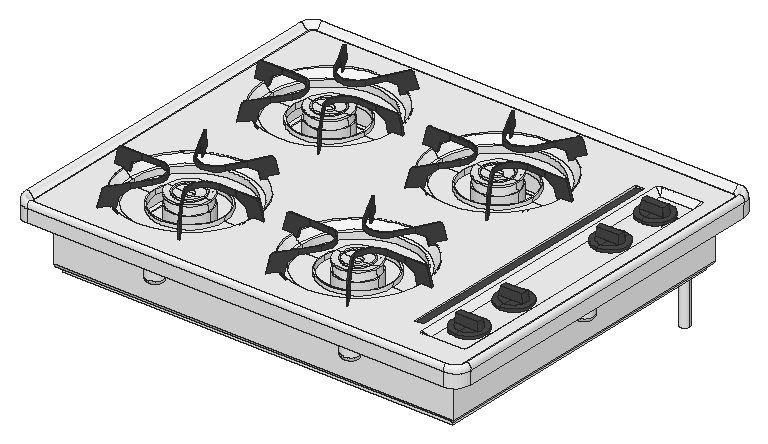
Revit family "QF_Summit_WNL033_Cooktop", category Specialty Equipment, Revit 2020
Family settings
  Round Connector Dimension = Use Diameter
  Part Type = Normal
  Work Plane-Based = No
  Always vertical = Yes
  Cut with Voids When Loaded = No
  Shared = No
  Room Calculation Point = No
Parameters
  Weight in Pounds = 27
  Watts = 0 W
  Volts = 115 V
  URL Cutsheet = ""
  Specification by User = ""
  Specification by Manufacturer = ""
  Serial Number = ""
  Seismic Rating = ""
  SMACNA No = ""
  Revision Code = ""
  Plumbing Remarks = ""
  Plumbing Connection Type = ""
  Phase = 1
  Number of Poles = 1
  NAFEM Spec ID Number = ""
  Model = "WNL033"
  Min Ckt Ampacity = 0 A
  Max Overcurrent Protection = 0 A
  Masterspec = ""
  Manufacturer = "Summit"
  Length = 24"
  Item Number = ""
  Installed By = ""
  Identify Quantity as Lot = yes
  Height = 3 3/4"
  HP = ""
  Gas Size = 0"
  Gas RI Height = 0"
  Gas KW = 0
  Gas Input = 9000.0 Btu/h
  Gas Connection Height = 0"
  Furnished By = ""
  Foodservice Equipment Identifier = yes
  FL Amps = 0 A
  Electrical Remarks = ""
  Elec Conn RI Height = 0"
  Elec Conn Connection Height = 0"
  Description = "Cooktop"
  Depth = 20"
  Default Elevation = 0"
  Cycle = 60 Hz
  Conn Plug = "3 Prong Cord"
  Conn Conduit = yes
  CSI MasterFormat = ""
  Apparent Power = 0 VA
Reference planes (in)
  plane 1 "BACK": y = 0
  plane 2: z = 0
  plane 3 "LEFT": x = 0
  plane 4 "RIGHT": x = 24
  plane 5 "FRONT": y = -20
  plane 6 "TOP": z = 3.75
  plane 7 "Center Y": x = 12
  plane 8 "Center X": y = -10
  plane 9: z = 2.75
  plane 10: z = 0.25
  plane 11: z = -2.75
Forms (in)
  Sweep 1, solid, material "QF_Plastic_White_Smooth"
    path origin (0, 0, 3.74988) x (-1, 0, 0) y (0, -1, 0)
      loop
        line (-0.0625, 0.8125) -> (-0.0625, 19.1875)
        arc (-0.0625, 19.1875) -> (-0.28217, 19.71783) -> (-0.8125, 19.9375) r 0.75
        line (-0.8125, 19.9375) -> (-23.1875, 19.9375)
        arc (-23.1875, 19.9375) -> (-23.71783, 19.71783) -> (-23.9375, 19.1875) r 0.75
        line (-23.9375, 19.1875) -> (-23.9375, 0.8125)
        arc (-23.9375, 0.8125) -> (-23.71783, 0.28217) -> (-23.1875, 0.0625) r 0.75
        line (-23.1875, 0.0625) -> (-0.8125, 0.0625)
        arc (-0.8125, 0.0625) -> (-0.28217, 0.28217) -> (-0.0625, 0.8125) r 0.75
    profile origin (0.0625, -10, 3.74988) x (1, 0, 0) y (0, 0, 1)
      loop
        line (0.50007, -0.99988) -> (0.50007, -0.24988)
        spline (0.50007, -0.24988) -> (0.38683, -0.22526) -> (0.30986, -0.16677) -> (0.25459, -0.09746) -> (0.20654, -0.0403) -> (0.15715, -0.00897) -> (0.1083, -0.00102) -> (0.06291, -0.01235) -> (0.02367, -0.03905) -> (-0.00886, -0.07917) -> (-0.03532, -0.13183) -> (-0.05489, -0.20201) -> (-0.06266, -0.31115)
        line (-0.06266, -0.31115) -> (-0.06266, -0.99988) -> (0.50007, -0.99988)
  Extrusion 2, solid, material "QF_Plastic_White_Smooth"
    sketch origin (23.1875, -0.5625, 3.24988) x (0, 1, 0) y (1, 0, 0)
      loop
        circle (-4.74127, -17.90956) r 3.49904
      loop
        line (-18.875, 0) -> (-18.875, -22.375)
        arc (-18.875, -22.375) -> (-18.80178, -22.55178) -> (-18.625, -22.625) r 0.25
        line (-18.625, -22.625) -> (-0.25, -22.625)
        arc (-0.25, -22.625) -> (-0.07322, -22.55178) -> (0, -22.375) r 0.25
        line (0, -22.375) -> (0, 0)
        arc (0, 0) -> (-0.07322, 0.17678) -> (-0.25, 0.25) r 0.25
        line (-0.25, 0.25) -> (-18.625, 0.25)
        arc (-18.625, 0.25) -> (-18.80178, 0.17678) -> (-18.875, 0) r 0.25
      loop
        circle (-4.74127, -8.85096) r 3.49904
      loop
        circle (-14.13373, -17.90956) r 3.49904
      loop
        circle (-14.13373, -8.85096) r 3.49904
    from 0.49988 to -0.25012
  Blend 3, void
    base sketch origin (23.18874, -0.56796, 3.54988) x (0, 1, 0) y (-1, 0, 0)
      loop
        arc (-1.25, 2.75) -> (-1.32322, 2.92678) -> (-1.5, 3) r 0.25
        line (-1.5, 3) -> (-17.375, 3)
        arc (-17.375, 3) -> (-17.55178, 2.92678) -> (-17.625, 2.75) r 0.25
        line (-17.625, 2.75) -> (-17.625, 0.5)
        arc (-17.625, 0.5) -> (-17.55178, 0.32322) -> (-17.375, 0.25) r 0.25
        line (-17.375, 0.25) -> (-1.5, 0.25)
        arc (-1.5, 0.25) -> (-1.32322, 0.32322) -> (-1.25, 0.5) r 0.25
        line (-1.25, 0.5) -> (-1.25, 2.75)
    top sketch origin (23.18874, -0.56796, 3.54988) x (0, 1, 0) y (-1, 0, 0)
      loop
        line (-1.71875, 2.53125) -> (-17.15625, 2.53125) -> (-17.15625, 0.71875) -> (-1.71875, 0.71875) -> (-1.71875, 2.53125)
    from 0.0625 to -0.31152
  Extrusion 4, void
    sketch origin (23.18874, -0.56796, 3.54988) x (0, 1, 0) y (-1, 0, 0)
      loop
        arc (-2, 3.5625) -> (-2.01831, 3.60669) -> (-2.0625, 3.625) r 0.0625
        line (-2.0625, 3.625) -> (-16.8125, 3.625)
        arc (-16.8125, 3.625) -> (-16.85669, 3.60669) -> (-16.875, 3.5625) r 0.0625
        line (-16.875, 3.5625) -> (-16.875, 3.1875)
        arc (-16.875, 3.1875) -> (-16.85669, 3.14331) -> (-16.8125, 3.125) r 0.0625
        line (-16.8125, 3.125) -> (-2.0625, 3.125)
        arc (-2.0625, 3.125) -> (-2.01831, 3.14331) -> (-2, 3.1875) r 0.0625
        line (-2, 3.1875) -> (-2, 3.5625)
    from 0.0625 to -0.125
  Revolve 5, solid, material "QF_Plastic_Black_Smooth"
    sketch origin (21.56528, -3, 0.23835) x (0, 1, 0) y (0, 0, 1)
      loop
        line (-0.75736, 3) -> (-0.50736, 3) -> (-0.50736, 3.07947) -> (0.15671, 3.07947) -> (0.15671, 3.2014)
        arc (0.15671, 3.2014) -> (0.03405, 3.23774) -> (-0.09329, 3.25) r 0.66737
        line (-0.09329, 3.25) -> (-0.75736, 3.25) -> (-0.75736, 3)
      axis (-0.75736, 3.25) -> (-0.75736, 3)
    angle from 0 to 360
  Blend 6, solid, material "QF_Plastic_Black_Smooth"
    base sketch origin (0, -3, 3.98835) x (-1, 0, 0) y (0, -1, 0)
      loop
        arc (-20.9318, 0.55812) -> (-20.90121, 0.75736) -> (-20.9318, 0.95659) r 0.66406
        line (-20.9318, 0.95659) -> (-22.19875, 0.95659)
        arc (-22.19875, 0.95659) -> (-22.22934, 0.75736) -> (-22.19875, 0.55812) r 0.66406
        line (-22.19875, 0.55812) -> (-20.9318, 0.55812)
    top sketch origin (0, -3, 3.98835) x (-1, 0, 0) y (0, -1, 0)
      loop
        arc (-20.98589, 0.57514) -> (-20.95791, 0.75736) -> (-20.98589, 0.93958) r 0.60736
        line (-20.98589, 0.93958) -> (-22.14466, 0.93958)
        arc (-22.14466, 0.93958) -> (-22.17264, 0.75736) -> (-22.14466, 0.57514) r 0.60736
        line (-22.14466, 0.57514) -> (-20.98589, 0.57514)
    from -0.5 to -0.05271
  Revolve 7, solid, material "QF_Plastic_Black_Smooth", not visible
    sketch origin (21.56528, -3, 0) x (0, 1, 0) y (0, 0, 1)
      loop
        line (-0.75736, 3) -> (-0.50736, 3) -> (-0.50736, 3.07947) -> (0.15671, 3.07947) -> (0.15671, 3.2014)
        arc (0.15671, 3.2014) -> (0.03405, 3.23774) -> (-0.09329, 3.25) r 0.66737
        line (-0.09329, 3.25) -> (-0.75736, 3.25) -> (-0.75736, 3)
      axis (-0.75736, 3.25) -> (-0.75736, 3)
    angle from 0 to 360
  Blend 8, solid, material "QF_Plastic_Black_Smooth", not visible
    base sketch origin (0, -3, 3.75) x (-1, 0, 0) y (0, -1, 0)
      loop
        arc (-20.9318, 0.55812) -> (-20.90121, 0.75736) -> (-20.9318, 0.95659) r 0.66406
        line (-20.9318, 0.95659) -> (-22.19875, 0.95659)
        arc (-22.19875, 0.95659) -> (-22.22934, 0.75736) -> (-22.19875, 0.55812) r 0.66406
        line (-22.19875, 0.55812) -> (-20.9318, 0.55812)
    top sketch origin (0, -3, 3.75) x (-1, 0, 0) y (0, -1, 0)
      loop
        arc (-20.98589, 0.57514) -> (-20.95791, 0.75736) -> (-20.98589, 0.93958) r 0.60736
        line (-20.98589, 0.93958) -> (-22.14466, 0.93958)
        arc (-22.14466, 0.93958) -> (-22.17264, 0.75736) -> (-22.14466, 0.57514) r 0.60736
        line (-22.14466, 0.57514) -> (-20.98589, 0.57514)
    from -0.5 to -0.05271
  Revolve 9, solid, material "QF_Plastic_Black_Smooth"
    sketch origin (21.56309, -3.00158, 0.23835) x (0, 1, 0) y (0, 0, 1)
      loop
        line (-3.75736, 3) -> (-3.50736, 3) -> (-3.50736, 3.07947) -> (-2.84329, 3.07947) -> (-2.84329, 3.2014)
        arc (-2.84329, 3.2014) -> (-2.96595, 3.23774) -> (-3.09329, 3.25) r 0.66737
        line (-3.09329, 3.25) -> (-3.75736, 3.25) -> (-3.75736, 3)
      axis (-3.75736, 3.25) -> (-3.75736, 3)
    angle from 0 to 360
  Blend 10, solid, material "QF_Plastic_Black_Smooth"
    base sketch origin (-0.00218, -3.00158, 3.98835) x (-1, 0, 0) y (0, -1, 0)
      loop
        arc (-20.9318, 3.55812) -> (-20.90121, 3.75736) -> (-20.9318, 3.95659) r 0.66406
        line (-20.9318, 3.95659) -> (-22.19875, 3.95659)
        arc (-22.19875, 3.95659) -> (-22.22934, 3.75736) -> (-22.19875, 3.55812) r 0.66406
        line (-22.19875, 3.55812) -> (-20.9318, 3.55812)
    top sketch origin (-0.00218, -3.00158, 3.98835) x (-1, 0, 0) y (0, -1, 0)
      loop
        arc (-20.98589, 3.57514) -> (-20.95791, 3.75736) -> (-20.98589, 3.93958) r 0.60736
        line (-20.98589, 3.93958) -> (-22.14466, 3.93958)
        arc (-22.14466, 3.93958) -> (-22.17264, 3.75736) -> (-22.14466, 3.57514) r 0.60736
        line (-22.14466, 3.57514) -> (-20.98589, 3.57514)
    from -0.5 to -0.05271
  Revolve 11, solid, material "QF_Plastic_Black_Smooth"
    sketch origin (21.56309, -6.00158, 0.23835) x (0, 1, 0) y (0, 0, 1)
      loop
        line (-10.24264, 3) -> (-10.24264, 3.25) -> (-10.90671, 3.25)
        arc (-10.90671, 3.25) -> (-11.03405, 3.23774) -> (-11.15671, 3.2014) r 0.66737
        line (-11.15671, 3.2014) -> (-11.15671, 3.07947) -> (-10.49264, 3.07947) -> (-10.49264, 3) -> (-10.24264, 3)
      axis (-10.24264, 3.25) -> (-10.24264, 3)
    angle from 0 to 360
  Blend 12, solid, material "QF_Plastic_Black_Smooth"
    base sketch origin (-0.00218, -6.00158, 3.98835) x (-1, 0, 0) y (0, -1, 0)
      loop
        line (-20.9318, 10.44188) -> (-22.19875, 10.44188)
        arc (-22.19875, 10.44188) -> (-22.22934, 10.24264) -> (-22.19875, 10.04341) r 0.66406
        line (-22.19875, 10.04341) -> (-20.9318, 10.04341)
        arc (-20.9318, 10.04341) -> (-20.90121, 10.24264) -> (-20.9318, 10.44188) r 0.66406
    top sketch origin (-0.00218, -6.00158, 3.98835) x (-1, 0, 0) y (0, -1, 0)
      loop
        line (-20.98589, 10.42486) -> (-22.14466, 10.42486)
        arc (-22.14466, 10.42486) -> (-22.17264, 10.24264) -> (-22.14466, 10.06042) r 0.60736
        line (-22.14466, 10.06042) -> (-20.98589, 10.06042)
        arc (-20.98589, 10.06042) -> (-20.95791, 10.24264) -> (-20.98589, 10.42486) r 0.60736
    from -0.5 to -0.05271
  Revolve 13, solid, material "QF_Plastic_Black_Smooth"
    sketch origin (21.56309, -3.00158, 0.23835) x (0, 1, 0) y (0, 0, 1)
      loop
        line (-10.24264, 3) -> (-10.24264, 3.25) -> (-10.90671, 3.25)
        arc (-10.90671, 3.25) -> (-11.03405, 3.23774) -> (-11.15671, 3.2014) r 0.66737
        line (-11.15671, 3.2014) -> (-11.15671, 3.07947) -> (-10.49264, 3.07947) -> (-10.49264, 3) -> (-10.24264, 3)
      axis (-10.24264, 3.25) -> (-10.24264, 3)
    angle from 0 to 360
  Blend 14, solid, material "QF_Plastic_Black_Smooth"
    base sketch origin (-0.00218, -3.00158, 3.98835) x (-1, 0, 0) y (0, -1, 0)
      loop
        line (-20.9318, 10.44188) -> (-22.19875, 10.44188)
        arc (-22.19875, 10.44188) -> (-22.22934, 10.24264) -> (-22.19875, 10.04341) r 0.66406
        line (-22.19875, 10.04341) -> (-20.9318, 10.04341)
        arc (-20.9318, 10.04341) -> (-20.90121, 10.24264) -> (-20.9318, 10.44188) r 0.66406
    top sketch origin (-0.00218, -3.00158, 3.98835) x (-1, 0, 0) y (0, -1, 0)
      loop
        line (-20.98589, 10.42486) -> (-22.14466, 10.42486)
        arc (-22.14466, 10.42486) -> (-22.17264, 10.24264) -> (-22.14466, 10.06042) r 0.60736
        line (-22.14466, 10.06042) -> (-20.98589, 10.06042)
        arc (-20.98589, 10.06042) -> (-20.95791, 10.24264) -> (-20.98589, 10.42486) r 0.60736
    from -0.5 to -0.05271
  Revolve 15, solid, material "QF_Plastic_Black_Smooth", not visible
    sketch origin (21.56528, -20.00316, 0) x (0, 1, 0) y (0, 0, 1)
      loop
        line (16.2458, 3) -> (16.4958, 3) -> (16.4958, 3.07947) -> (17.15986, 3.07947) -> (17.15986, 3.2014)
        arc (17.15986, 3.2014) -> (17.0372, 3.23774) -> (16.90986, 3.25) r 0.66737
        line (16.90986, 3.25) -> (16.2458, 3.25) -> (16.2458, 3)
      axis (16.2458, 3.25) -> (16.2458, 3)
    angle from 0 to 360
  Blend 16, solid, material "QF_Plastic_Black_Smooth", not visible
    base sketch origin (0, -20.00316, 3.75) x (-1, 0, 0) y (0, -1, 0)
      loop
        arc (-20.9318, -16.44503) -> (-20.90121, -16.2458) -> (-20.9318, -16.04657) r 0.66406
        line (-20.9318, -16.04657) -> (-22.19875, -16.04657)
        arc (-22.19875, -16.04657) -> (-22.22934, -16.2458) -> (-22.19875, -16.44503) r 0.66406
        line (-22.19875, -16.44503) -> (-20.9318, -16.44503)
    top sketch origin (0, -20.00316, 3.75) x (-1, 0, 0) y (0, -1, 0)
      loop
        arc (-20.98589, -16.42802) -> (-20.95791, -16.2458) -> (-20.98589, -16.06358) r 0.60736
        line (-20.98589, -16.06358) -> (-22.14466, -16.06358)
        arc (-22.14466, -16.06358) -> (-22.17264, -16.2458) -> (-22.14466, -16.42802) r 0.60736
        line (-22.14466, -16.42802) -> (-20.98589, -16.42802)
    from -0.5 to -0.05271
  Extrusion 17, solid, material "QF_Plastic_White_Smooth"
    sketch origin (9.68847, 8.08075, 0) x (-1, 0, 0) y (0, 1, 0)
      loop
        circle (-12, -10) r 0.25
    from -0.25 to 2.75
  Sweep 18, solid, material "QF_Plastic_White_Smooth"
    path origin (0, 0, 0) x (1, 0, 0) y (0, 1, 0)
      loop
        line (22.75, -1.25) -> (1.25, -1.25) -> (1.25, -18.75) -> (22.75, -18.75) -> (22.75, -1.25)
    profile origin (22.75, -10, 0) x (1, 0, 0) y (0, 0, 1)
      loop
        line (-0.25, 0) -> (-0.25, 0.25) -> (-0.13174, 0.25)
        arc (-0.13174, 0.25) -> (-0.03859, 0.28859) -> (0, 0.38174) r 0.13174
        line (0, 0.38174) -> (0, 2.75) -> (-0.125, 2.75) -> (-0.125, 0.375) -> (-0.375, 0.375) -> (-0.375, 0) -> (-0.25, 0)
  Extrusion 19, solid, material "QF_Plastic_White_Smooth"
    sketch origin (22.375, -1.625, 0.375) x (0, -1, 0) y (1, 0, 0)
      loop
        line (0, -20.75) -> (16.75, -20.75) -> (16.75, 0) -> (0, 0) -> (0, -20.75)
    from 0 to -0.125
  Extrusion 20, solid, material "QF_Plastic_White_Smooth"
    sketch origin (22.375, -1.625, 0.25) x (1, 0, 0) y (0, -1, 0)
      loop
        circle (-1.43653, 0.29425) r 0.25
    from 0 to 0.0625
  Revolve 21, solid, material "QF_Plastic_White_Smooth"
    sketch origin (0, -10, 0) x (1, 0, 0) y (0, 0, 1)
      loop
        line (1.25, 2.75) -> (0.75, 2.75) -> (0.75, 1.75)
        arc (0.75, 1.75) -> (0.8255, 1.58445) -> (1, 1.5329) r 0.21926
        line (1, 1.5329) -> (1.25, 1.5329) -> (1.25, 2.75)
      axis (1.25, 1.5329) -> (1.25, 2.75)
    angle from -90 to 90
  Revolve 22, solid, material "QF_Plastic_White_Smooth"
    sketch origin (24, -10, 0) x (-1, 0, 0) y (0, 0, -1)
      loop
        line (1.25, -2.75) -> (1.25, -1.5329) -> (1, -1.5329)
        arc (1, -1.5329) -> (0.8255, -1.58445) -> (0.75, -1.75) r 0.21926
        line (0.75, -1.75) -> (0.75, -2.75) -> (1.25, -2.75)
      axis (1.25, -1.5329) -> (1.25, -2.75)
    angle from -90 to 90
  Revolve 23, solid, material "QF_Plastic_White_Smooth"
    sketch origin (18.44698, -1.25, 0) x (-1, 0, 0) y (0, 0, -1)
      loop
        line (1.25, -2.75) -> (1.25, -1.5329) -> (1, -1.5329)
        arc (1, -1.5329) -> (0.8255, -1.58445) -> (0.75, -1.75) r 0.21926
        line (0.75, -1.75) -> (0.75, -2.75) -> (1.25, -2.75)
      axis (1.25, -1.5329) -> (1.25, -2.75)
    angle from 0 to 180
  Revolve 24, solid, material "QF_Plastic_White_Smooth"
    sketch origin (7.94698, -1.25, 0) x (-1, 0, 0) y (0, 0, -1)
      loop
        line (1.25, -2.75) -> (1.25, -1.5329) -> (1, -1.5329)
        arc (1, -1.5329) -> (0.8255, -1.58445) -> (0.75, -1.75) r 0.21926
        line (0.75, -1.75) -> (0.75, -2.75) -> (1.25, -2.75)
      axis (1.25, -1.5329) -> (1.25, -2.75)
    angle from 0 to 180
  Revolve 25, solid, material "QF_Plastic_White_Smooth"
    sketch origin (18.44698, -18.75, 0) x (-1, 0, 0) y (0, 0, 1)
      loop
        line (1.25, 2.75) -> (0.75, 2.75) -> (0.75, 1.75)
        arc (0.75, 1.75) -> (0.8255, 1.58445) -> (1, 1.5329) r 0.21926
        line (1, 1.5329) -> (1.25, 1.5329) -> (1.25, 2.75)
      axis (1.25, 1.5329) -> (1.25, 2.75)
    angle from 0 to 180
  Revolve 26, solid, material "QF_Plastic_White_Smooth"
    sketch origin (7.94698, -18.75, 0) x (-1, 0, 0) y (0, 0, 1)
      loop
        line (1.25, 2.75) -> (0.75, 2.75) -> (0.75, 1.75)
        arc (0.75, 1.75) -> (0.8255, 1.58445) -> (1, 1.5329) r 0.21926
        line (1, 1.5329) -> (1.25, 1.5329) -> (1.25, 2.75)
      axis (1.25, 1.5329) -> (1.25, 2.75)
    angle from 0 to 180
Cuts and joins
  Blend 3, Extrusion 4 cuts Extrusion 2
Lines and regions (in)
  symbolic lines
    curve 1: arc (21.56528, -2.84329, 3.98835) -> (20.65121, -3.75736, 3.98835) -> (21.56528, -4.67142, 3.98835) r 0.91406
    curve 2: arc (21.56528, -4.67142, 3.98835) -> (22.47934, -3.75736, 3.98835) -> (21.56528, -2.84329, 3.98835) r 0.91406
    curve 3: line (20.9318, -3.55812, 3.98835) -> (22.19875, -3.55812, 3.98835)
    curve 4: line (22.19875, -3.95659, 3.98835) -> (20.9318, -3.95659, 3.98835)
    curve 5: arc (20.9318, -3.55812, 3.98835) -> (20.90121, -3.75736, 3.98835) -> (20.9318, -3.95659, 3.98835) r 0.66406
    curve 6: arc (22.19875, -3.95659, 3.98835) -> (22.22934, -3.75736, 3.98835) -> (22.19875, -3.55812, 3.98835) r 0.66406
    curve 13: arc (21.56309, -5.84487, 3.98835) -> (20.64903, -6.75893, 3.98835) -> (21.56309, -7.673, 3.98835) r 0.91406
    curve 14: arc (21.56309, -7.673, 3.98835) -> (22.47716, -6.75893, 3.98835) -> (21.56309, -5.84487, 3.98835) r 0.91406
    curve 15: line (20.92962, -6.5597, 3.98835) -> (22.19657, -6.5597, 3.98835)
    curve 16: line (22.19657, -6.95817, 3.98835) -> (20.92962, -6.95817, 3.98835)
    curve 17: arc (20.92962, -6.5597, 3.98835) -> (20.89903, -6.75893, 3.98835) -> (20.92962, -6.95817, 3.98835) r 0.66406
    curve 18: arc (22.19657, -6.95817, 3.98835) -> (22.22716, -6.75893, 3.98835) -> (22.19657, -6.5597, 3.98835) r 0.66406
    curve 19: arc (21.56309, -17.15828, 3.98835) -> (20.64903, -16.24422, 3.98835) -> (21.56309, -15.33016, 3.98835) r 0.91406
    curve 20: arc (21.56309, -15.33016, 3.98835) -> (22.47716, -16.24422, 3.98835) -> (21.56309, -17.15828, 3.98835) r 0.91406
    curve 21: line (20.92962, -16.44345, 3.98835) -> (22.19657, -16.44345, 3.98835)
    curve 22: line (22.19657, -16.04499, 3.98835) -> (20.92962, -16.04499, 3.98835)
    curve 23: arc (20.92962, -16.44345, 3.98835) -> (20.89903, -16.24422, 3.98835) -> (20.92962, -16.04499, 3.98835) r 0.66406
    curve 24: arc (22.19657, -16.04499, 3.98835) -> (22.22716, -16.24422, 3.98835) -> (22.19657, -16.44345, 3.98835) r 0.66406
    curve 25: arc (21.56309, -14.15828, 3.98835) -> (20.64903, -13.24422, 3.98835) -> (21.56309, -12.33016, 3.98835) r 0.91406
    curve 26: arc (21.56309, -12.33016, 3.98835) -> (22.47716, -13.24422, 3.98835) -> (21.56309, -14.15828, 3.98835) r 0.91406
    curve 27: line (20.92962, -13.44345, 3.98835) -> (22.19657, -13.44345, 3.98835)
    curve 28: line (22.19657, -13.04499, 3.98835) -> (20.92962, -13.04499, 3.98835)
    curve 29: arc (20.92962, -13.44345, 3.98835) -> (20.89903, -13.24422, 3.98835) -> (20.92962, -13.04499, 3.98835) r 0.66406
    curve 30: arc (22.19657, -13.04499, 3.98835) -> (22.22716, -13.24422, 3.98835) -> (22.19657, -13.44345, 3.98835) r 0.66406
    curve 37: line (0.5625, -0.8125, 0) -> (0.5625, -19.1875, 0)
    curve 38: line (23.1875, -0.5625, 0) -> (0.8125, -0.5625, 0)
    curve 39: arc (0.5625, -0.8125, 0) -> (0.63572, -0.63572, 0) -> (0.8125, -0.5625, 0) r 0.25
    curve 40: arc (23.1875, -0.5625, 0) -> (23.36428, -0.63572, 0) -> (23.4375, -0.8125, 0) r 0.25
    curve 41: line (23.4375, -19.1875, 0) -> (23.4375, -0.8125, 0)
    curve 42: line (22.46999, -2.28671, 0) -> (20.65749, -2.28671, 0)
    curve 43: line (20.65749, -2.28671, 0) -> (20.65749, -17.72421, 0)
    curve 44: line (20.65749, -17.72421, 0) -> (22.46999, -17.72421, 0)
    curve 45: line (22.46999, -17.72421, 0) -> (22.46999, -2.28671, 0)
    curve 46: line (20.50446, -1.9588, 0) -> (22.62302, -1.9588, 0)
    curve 47: arc (22.62302, -1.9588, 0) -> (22.74668, -2.01002, 0) -> (22.7979, -2.13368, 0) r 0.17489
    curve 48: line (22.7979, -2.13368, 0) -> (22.7979, -17.87723, 0)
    curve 49: arc (22.7979, -17.87723, 0) -> (22.74668, -18.0009, 0) -> (22.62302, -18.05212, 0) r 0.17489
    curve 50: line (22.62302, -18.05212, 0) -> (20.50446, -18.05212, 0)
    curve 51: arc (20.50446, -18.05212, 0) -> (20.3808, -18.0009, 0) -> (20.32958, -17.87723, 0) r 0.17489
    curve 52: line (20.32958, -17.87723, 0) -> (20.32958, -2.13368, 0)
    curve 53: arc (20.32958, -2.13368, 0) -> (20.3808, -2.01002, 0) -> (20.50446, -1.9588, 0) r 0.17489
    curve 54: line (19.56374, -17.38046, 0) -> (19.56374, -2.63046, 0)
    curve 55: arc (19.56374, -2.63046, 0) -> (19.58205, -2.58626, 0) -> (19.62624, -2.56796, 0) r 0.0625
    curve 56: line (19.62624, -2.56796, 0) -> (20.00124, -2.56796, 0)
    curve 57: arc (20.00124, -2.56796, 0) -> (20.04543, -2.58626, 0) -> (20.06374, -2.63046, 0) r 0.0625
    curve 58: line (20.06374, -2.63046, 0) -> (20.06374, -17.38046, 0)
    curve 59: arc (20.06374, -17.38046, 0) -> (20.04543, -17.42465, 0) -> (20.00124, -17.44296, 0) r 0.0625
    curve 60: line (20.00124, -17.44296, 0) -> (19.62624, -17.44296, 0)
    curve 61: arc (19.62624, -17.44296, 0) -> (19.58205, -17.42465, 0) -> (19.56374, -17.38046, 0) r 0.0625
    curve 62: line (0.8125, -19.4375, 0) -> (23.1875, -19.4375, 0)
    curve 63: arc (23.4375, -19.1875, 0) -> (23.36428, -19.36428, 0) -> (23.1875, -19.4375, 0) r 0.25
    curve 64: arc (0.8125, -19.4375, 0) -> (0.63572, -19.36428, 0) -> (0.5625, -19.1875, 0) r 0.25
    curve 65: line (-0.00016, -19.1875, 0) -> (-0.00016, -0.8125, 0)
    curve 66: arc (-0.00016, -0.8125, 0) -> (0.23786, -0.23786, 0) -> (0.8125, 0.00016, 0) r 0.81266
    curve 67: line (0.8125, 0.00016, 0) -> (23.1875, 0.00016, 0)
    curve 68: arc (23.1875, 0.00016, 0) -> (23.76214, -0.23786, 0) -> (24.00016, -0.8125, 0) r 0.81266
    curve 69: line (24.00016, -0.8125, 0) -> (24.00016, -19.1875, 0)
    curve 70: arc (24.00016, -19.1875, 0) -> (23.76214, -19.76214, 0) -> (23.1875, -20.00016, 0) r 0.81266
    curve 71: line (23.1875, -20.00016, 0) -> (0.8125, -20.00016, 0)
    curve 72: arc (0.8125, -20.00016, 0) -> (0.23786, -19.76214, 0) -> (-0.00016, -19.1875, 0) r 0.81266
  symbolic lines, not visible
    curve 7: arc (21.56528, -2.84329, 3.75) -> (20.65121, -3.75736, 3.75) -> (21.56528, -4.67142, 3.75) r 0.91406
    curve 8: arc (21.56528, -4.67142, 3.75) -> (22.47934, -3.75736, 3.75) -> (21.56528, -2.84329, 3.75) r 0.91406
    curve 9: line (20.9318, -3.55812, 3.75) -> (22.19875, -3.55812, 3.75)
    curve 10: line (22.19875, -3.95659, 3.75) -> (20.9318, -3.95659, 3.75)
    curve 11: arc (20.9318, -3.55812, 3.75) -> (20.90121, -3.75736, 3.75) -> (20.9318, -3.95659, 3.75) r 0.66406
    curve 12: arc (22.19875, -3.95659, 3.75) -> (22.22934, -3.75736, 3.75) -> (22.19875, -3.55812, 3.75) r 0.66406
    curve 31: arc (21.56528, -2.84329, 3.75) -> (20.65121, -3.75736, 3.75) -> (21.56528, -4.67142, 3.75) r 0.91406
    curve 32: arc (21.56528, -4.67142, 3.75) -> (22.47934, -3.75736, 3.75) -> (21.56528, -2.84329, 3.75) r 0.91406
    curve 33: line (20.9318, -3.55812, 3.75) -> (22.19875, -3.55812, 3.75)
    curve 34: line (22.19875, -3.95659, 3.75) -> (20.9318, -3.95659, 3.75)
    curve 35: arc (20.9318, -3.55812, 3.75) -> (20.90121, -3.75736, 3.75) -> (20.9318, -3.95659, 3.75) r 0.66406
    curve 36: arc (22.19875, -3.95659, 3.75) -> (22.22934, -3.75736, 3.75) -> (22.19875, -3.55812, 3.75) r 0.66406
Dimensions and locks (in)
  equal spacing: plane 3 "LEFT", plane 7 "Center Y", plane 4 "RIGHT"
  "Length": plane 3 "LEFT" to plane 4 "RIGHT"
  equal spacing: plane 5 "FRONT", plane 8 "Center X", plane 1 "BACK"
  "Depth": plane 5 "FRONT" to plane 1 "BACK"
  "Height": plane 6 "TOP" to level
  plane 9 to plane 10 = 2 1/2"
  plane 10 to plane 11 = 3"
  plane 6 "TOP" to plane 9 = 1"
  aligned and locked: level to plane 2
Automatic sketch dimensions
  Blend 6 sketch curve to Blend 6 sketch curve = 0.63347"  (x2)
  Blend 6 sketch curve to Blend 6 sketch curve = 51/256"
  Blend 6 sketch curve to Blend 6 sketch curve = 0"  (x10)
  Blend 6 sketch curve to Blend 6 sketch curve = 0.57938"  (x2)
  Blend 6 sketch curve to Blend 6 sketch curve = 0.18222"
  curve 4 to curve 1 = 0.63347"
  curve 3 to curve 1 = 51/256"
  curve 2 to curve 5 = 183/256"
  curve 3 to curve 4 = 0"
  curve 2 to curve 3 = 0.63347"
  curve 2 to curve 5 = 0"  (x4)
  curve 2 to curve 6 = 0"  (x3)
  curve 5 to curve 6 = 0"  (x3)
  curve 1 to curve 2 = 0"  (x2)
  curve 1 to curve 5 = 0"  (x2)
  curve 1 to curve 6 = 0"  (x2)
  Blend 8 sketch curve to Blend 8 sketch curve = 0.63347"  (x2)
  Blend 8 sketch curve to Blend 8 sketch curve = 51/256"
  Blend 8 sketch curve to Blend 8 sketch curve = 0"  (x10)
  Blend 8 sketch curve to Blend 8 sketch curve = 0.57938"  (x2)
  Blend 8 sketch curve to Blend 8 sketch curve = 0.18222"
  curve 10 to curve 7 = 0.63347"
  curve 9 to curve 7 = 51/256"
  curve 8 to curve 11 = 183/256"
  curve 9 to curve 10 = 0"
  curve 8 to curve 9 = 0.63347"
  curve 8 to curve 11 = 0"  (x4)
  curve 8 to curve 12 = 0"  (x3)
  curve 11 to curve 12 = 0"  (x3)
  curve 7 to curve 8 = 0"  (x2)
  curve 7 to curve 11 = 0"  (x2)
  curve 7 to curve 12 = 0"  (x2)
  Revolve 9 sketch curve to Revolve 9 sketch curve = 1/4"  (x2)
  Revolve 9 sketch curve to Revolve 9 sketch curve = 53/128"
  Revolve 9 sketch curve to Revolve 9 sketch curve = 85/128"
  Revolve 9 sketch curve to Revolve 9 sketch curve = 0"
  Revolve 9 sketch curve to Revolve 9 sketch curve = 0.12193"
  Blend 10 sketch curve to Blend 10 sketch curve = 0.63347"  (x2)
  Blend 10 sketch curve to Blend 10 sketch curve = 51/256"
  Blend 10 sketch curve to Blend 10 sketch curve = 0"  (x10)
  Blend 10 sketch curve to Blend 10 sketch curve = 0.57938"  (x2)
  Blend 10 sketch curve to Blend 10 sketch curve = 0.18222"
  Revolve 9 sketch curve to Revolve 9 sketch curve = 0.41737"
  Revolve 9 sketch curve to Revolve 9 sketch curve = 0.07947"
  Revolve 9 sketch curve to Revolve 9 sketch curve = 0.30818"
  Revolve 11 sketch curve to Revolve 11 sketch curve = 1/4"  (x2)
  Revolve 11 sketch curve to Revolve 11 sketch curve = 53/128"
  Revolve 11 sketch curve to Revolve 11 sketch curve = 85/128"
  Revolve 11 sketch curve to Revolve 11 sketch curve = 0"
  Revolve 11 sketch curve to Revolve 11 sketch curve = 0.12193"
  Blend 12 sketch curve to Blend 12 sketch curve = 0.63347"  (x2)
  Blend 12 sketch curve to Blend 12 sketch curve = 51/256"
  Blend 12 sketch curve to Blend 12 sketch curve = 0"  (x10)
  Blend 12 sketch curve to Blend 12 sketch curve = 0.57938"  (x2)
  Blend 12 sketch curve to Blend 12 sketch curve = 0.18222"
  Revolve 11 sketch curve to Revolve 11 sketch curve = 0.41737"
  Revolve 11 sketch curve to Revolve 11 sketch curve = 0.07947"
  Revolve 11 sketch curve to Revolve 11 sketch curve = 0.30818"
  Revolve 13 sketch curve to Revolve 13 sketch curve = 1/4"  (x2)
  Revolve 13 sketch curve to Revolve 13 sketch curve = 53/128"
  Revolve 13 sketch curve to Revolve 13 sketch curve = 85/128"
  Revolve 13 sketch curve to Revolve 13 sketch curve = 0"
  Revolve 13 sketch curve to Revolve 13 sketch curve = 0.12193"
  Blend 14 sketch curve to Blend 14 sketch curve = 0.63347"  (x2)
  Blend 14 sketch curve to Blend 14 sketch curve = 51/256"
  Blend 14 sketch curve to Blend 14 sketch curve = 0"  (x10)
  Blend 14 sketch curve to Blend 14 sketch curve = 0.57938"  (x2)
  Blend 14 sketch curve to Blend 14 sketch curve = 0.18222"
  Revolve 13 sketch curve to Revolve 13 sketch curve = 0.41737"
  Revolve 13 sketch curve to Revolve 13 sketch curve = 0.07947"
  Revolve 13 sketch curve to Revolve 13 sketch curve = 0.30818"
  curve 16 to curve 13 = 0.63347"
  curve 15 to curve 13 = 51/256"
  curve 14 to curve 17 = 183/256"
  curve 15 to curve 16 = 0"
  curve 14 to curve 15 = 0.63347"
  curve 14 to curve 17 = 0"  (x4)
  curve 14 to curve 18 = 0"  (x3)
  curve 17 to curve 18 = 0"  (x3)
  curve 13 to curve 14 = 0"  (x2)
  curve 13 to curve 17 = 0"  (x2)
  curve 13 to curve 18 = 0"  (x2)
  curve 22 to curve 19 = 0.63347"
  curve 19 to curve 21 = 51/256"
  curve 23 to curve 20 = 183/256"
  curve 21 to curve 22 = 0"
  curve 20 to curve 21 = 0.63347"
  curve 20 to curve 23 = 0"  (x4)
  curve 20 to curve 24 = 0"  (x3)
  curve 23 to curve 24 = 0"  (x3)
  curve 19 to curve 20 = 0"  (x2)
  curve 19 to curve 23 = 0"  (x2)
  curve 19 to curve 24 = 0"  (x2)
  curve 28 to curve 25 = 0.63347"
  curve 25 to curve 27 = 51/256"
  curve 29 to curve 26 = 183/256"
  curve 27 to curve 28 = 0"
  curve 26 to curve 27 = 0.63347"
  curve 26 to curve 29 = 0"  (x4)
  curve 26 to curve 30 = 0"  (x3)
  curve 29 to curve 30 = 0"  (x3)
  curve 25 to curve 26 = 0"  (x2)
  curve 25 to curve 29 = 0"  (x2)
  curve 25 to curve 30 = 0"  (x2)
  Revolve 15 sketch curve to Revolve 15 sketch curve = 1/4"  (x2)
  Revolve 15 sketch curve to Revolve 15 sketch curve = 53/128"
  Revolve 15 sketch curve to Revolve 15 sketch curve = 85/128"
  Revolve 15 sketch curve to Revolve 15 sketch curve = 0"
  Revolve 15 sketch curve to Revolve 15 sketch curve = 0.12193"
  Blend 16 sketch curve to Blend 16 sketch curve = 0.63347"  (x2)
  Blend 16 sketch curve to Blend 16 sketch curve = 51/256"
  Blend 16 sketch curve to Blend 16 sketch curve = 0"  (x10)
  Blend 16 sketch curve to Blend 16 sketch curve = 0.57938"  (x2)
  Blend 16 sketch curve to Blend 16 sketch curve = 0.18222"
  Revolve 15 sketch curve to Revolve 15 sketch curve = 0.41737"
  Revolve 15 sketch curve to Revolve 15 sketch curve = 0.07947"
  Revolve 15 sketch curve to Revolve 15 sketch curve = 0.30818"
  curve 34 to curve 31 = 0.63347"
  curve 33 to curve 31 = 51/256"
  curve 32 to curve 35 = 183/256"
  curve 33 to curve 34 = 0"
  curve 32 to curve 33 = 0.63347"
  curve 32 to curve 35 = 0"  (x4)
  curve 32 to curve 36 = 0"  (x3)
  curve 35 to curve 36 = 0"  (x3)
  curve 31 to curve 32 = 0"  (x2)
  curve 31 to curve 35 = 0"  (x2)
  curve 31 to curve 36 = 0"  (x2)
  Revolve 5 sketch curve to Revolve 5 sketch curve = 1/4"  (x2)
  Revolve 5 sketch curve to Revolve 5 sketch curve = 53/128"
  Revolve 5 sketch curve to Revolve 5 sketch curve = 0.41737"
  Revolve 5 sketch curve to Revolve 5 sketch curve = 0.07947"
  Revolve 5 sketch curve to Revolve 5 sketch curve = 0.12193"
  Revolve 5 sketch curve to Revolve 5 sketch curve = 0"  (x2)
  Revolve 5 sketch curve to Revolve 5 sketch curve = 0.30818"
  Revolve 7 sketch curve to Revolve 7 sketch curve = 1/4"  (x2)
  Revolve 7 sketch curve to Revolve 7 sketch curve = 53/128"
  Revolve 7 sketch curve to Revolve 7 sketch curve = 0.41737"
  Revolve 7 sketch curve to Revolve 7 sketch curve = 0.07947"
  Revolve 7 sketch curve to Revolve 7 sketch curve = 0.12193"
  Revolve 7 sketch curve to Revolve 7 sketch curve = 0"  (x2)
  Revolve 7 sketch curve to Revolve 7 sketch curve = 0.30818"
  plane 4 "RIGHT" to Sweep 1 sketch curve = 1/16"
  Sweep 1 sketch curve to Sweep 1 sketch curve = 3/4"
  Sweep 1 sketch curve to plane 5 "FRONT" = 1/16"
  plane 4 "RIGHT" to Sweep 1 sketch curve = 13/16"
  plane 3 "LEFT" to Sweep 1 sketch curve = 13/16"  (x2)
  plane 3 "LEFT" to Sweep 1 sketch curve = 1/16"
  plane 1 "BACK" to Sweep 1 sketch curve = 13/16"
  profile plane to Sweep 1 sketch curve = 0.06266"
  Sweep 1 sketch curve to profile plane = 0.50007"
  Sweep 1 sketch curve to profile plane = 0.99988"
  Sweep 1 sketch curve to profile plane = 0.31115"
  Sweep 1 sketch curve to profile plane = 0.24988"
  Extrusion 2 sketch curve to plane 5 "FRONT" = 9/16"
  Extrusion 2 sketch curve to Extrusion 2 sketch curve = 1/4"  (x3)
  Extrusion 2 sketch curve to plane 8 "Center X" = 4.69623"  (x2)
  plane 7 "Center Y" to Extrusion 2 sketch curve = 2.33654"  (x2)
  plane 8 "Center X" to Extrusion 2 sketch curve = 4.69623"  (x2)
  plane 1 "BACK" to Extrusion 2 sketch curve = 13/16"  (x2)
  plane 4 "RIGHT" to Extrusion 2 sketch curve = 13/16"
  plane 3 "LEFT" to Extrusion 2 sketch curve = 5.27794"  (x2)
  plane 3 "LEFT" to Extrusion 2 sketch curve = 13/16"
  Blend 3 sketch curve to plane 5 "FRONT" = 1.80704"
  Blend 3 sketch curve to Blend 3 sketch curve = 1/4"  (x3)
  plane 4 "RIGHT" to Blend 3 sketch curve = 1.31126"
  plane 1 "BACK" to Blend 3 sketch curve = 2.06796"  (x2)
  Blend 3 sketch curve to Blend 3 sketch curve = 2 1/4"
  Blend 3 sketch curve to plane 5 "FRONT" = 2.27579"
  plane 1 "BACK" to Blend 3 sketch curve = 2.28671"
  plane 4 "RIGHT" to Blend 3 sketch curve = 1.53001"
  Blend 3 sketch curve to Blend 3 sketch curve = 1 13/16"
  Extrusion 4 sketch curve to plane 5 "FRONT" = 2.55704"
  Extrusion 4 sketch curve to Extrusion 4 sketch curve = 1/16"  (x3)
  plane 1 "BACK" to Extrusion 4 sketch curve = 2.63046"
  Extrusion 4 sketch curve to Extrusion 4 sketch curve = 0"
  plane 4 "RIGHT" to Extrusion 4 sketch curve = 3.93626"
  Extrusion 4 sketch curve to Extrusion 4 sketch curve = 3/8"
  plane 4 "RIGHT" to Extrusion 17 sketch curve = 2.31153"
  plane 1 "BACK" to Extrusion 17 sketch curve = 1.91925"
  plane 3 "LEFT" to Sweep 18 sketch curve = 1 1/4"
  plane 4 "RIGHT" to Sweep 18 sketch curve = 1 1/4"
  Sweep 18 sketch curve to plane 5 "FRONT" = 1 1/4"
  plane 1 "BACK" to Sweep 18 sketch curve = 1 1/4"
  Sweep 18 sketch curve to level = 0"
  profile plane to Sweep 18 sketch curve = 0"
  profile plane to Sweep 18 sketch curve = 1/8"
  Sweep 18 sketch curve to Sweep 18 sketch curve = 0.00674"
  profile plane to Sweep 18 sketch curve = 1/4"
  Sweep 18 sketch curve to Sweep 18 sketch curve = 1/8"  (x2)
  level to Sweep 18 sketch curve = 1/4"
  Sweep 18 sketch curve to Sweep 18 sketch curve = 2.36826"
  Extrusion 19 sketch curve to Sweep 18 = 0"  (x4)
  Extrusion 20 sketch curve to Extrusion 20 sketch curve = 0"  (x2)
  Extrusion 19 to Extrusion 20 sketch curve = 0.29425"
  Extrusion 19 to Extrusion 20 sketch curve = 1.43653"
  Extrusion 20 sketch curve to Extrusion 20 sketch curve = 1/4"
  Revolve 21 sketch curve to plane 9 = 0"  (x2)
  plane 3 "LEFT" to Revolve 21 sketch curve = 3/4"
  Revolve 21 sketch curve to Revolve 21 sketch curve = 0.21926"
  Revolve 21 sketch curve to Revolve 21 sketch curve = 0.03074"
  Revolve 21 sketch curve to Revolve 21 sketch curve = 1/4"
  Revolve 21 sketch curve to plane 9 = 1"
  Revolve 21 sketch curve to Revolve 21 sketch curve = 0"
  plane 9 to Revolve 21 sketch curve = 0.41303"
  Revolve 22 sketch curve to plane 9 = 0"  (x2)
  plane 4 "RIGHT" to Revolve 22 sketch curve = 3/4"
  Revolve 22 sketch curve to Revolve 22 sketch curve = 0.21926"
  Revolve 22 sketch curve to Revolve 22 sketch curve = 0.03074"
  Revolve 22 sketch curve to Revolve 22 sketch curve = 1/4"
  Revolve 22 sketch curve to plane 9 = 1"
  Revolve 22 sketch curve to Revolve 22 sketch curve = 0"
  Revolve 22 sketch curve to Revolve 22 sketch curve = 0.41303"
  Revolve 23 sketch curve to plane 9 = 0"  (x2)
  Revolve 23 sketch curve to plane 9 = 1"
  plane 7 "Center Y" to Revolve 23 sketch curve = 5.69698"
  Revolve 23 sketch curve to Revolve 23 sketch curve = 0.21926"
  Revolve 23 sketch curve to Revolve 23 sketch curve = 0.03074"
  Revolve 23 sketch curve to Revolve 23 sketch curve = 1/4"
  Revolve 23 sketch curve to Revolve 23 sketch curve = 0"
  Revolve 23 sketch curve to Revolve 23 sketch curve = 0.41303"
  Revolve 24 sketch curve to plane 9 = 0"  (x2)
  Revolve 24 sketch curve to plane 9 = 1"
  Revolve 24 sketch curve to plane 7 "Center Y" = 4.80302"
  Revolve 24 sketch curve to Revolve 24 sketch curve = 0.21926"
  Revolve 24 sketch curve to Revolve 24 sketch curve = 0.03074"
  Revolve 24 sketch curve to Revolve 24 sketch curve = 1/4"
  Revolve 24 sketch curve to Revolve 24 sketch curve = 0"
  Revolve 24 sketch curve to Revolve 24 sketch curve = 0.41303"
  Revolve 25 sketch curve to plane 9 = 0"  (x2)
  Revolve 25 sketch curve to plane 9 = 1"
  plane 7 "Center Y" to Revolve 25 sketch curve = 5.69698"
  Revolve 25 sketch curve to Revolve 25 sketch curve = 0.21926"
  Revolve 25 sketch curve to Revolve 25 sketch curve = 0.03074"
  Revolve 25 sketch curve to Revolve 25 sketch curve = 1/4"
  Revolve 25 sketch curve to Revolve 25 sketch curve = 0"
  plane 9 to Revolve 25 sketch curve = 0.41303"
  Revolve 26 sketch curve to plane 9 = 0"  (x2)
  Revolve 26 sketch curve to plane 9 = 1"
  Revolve 26 sketch curve to plane 7 "Center Y" = 4.80302"
  Revolve 26 sketch curve to Revolve 26 sketch curve = 0.21926"
  Revolve 26 sketch curve to Revolve 26 sketch curve = 0.03074"
  Revolve 26 sketch curve to Revolve 26 sketch curve = 1/4"
  Revolve 26 sketch curve to Revolve 26 sketch curve = 0"
  plane 9 to Revolve 26 sketch curve = 0.41303"
  curve 39 to curve 66 = 0"  (x2)
  curve 40 to curve 68 = 0"  (x2)
  curve 63 to curve 70 = 0"  (x2)
  curve 64 to curve 72 = 0"
  curve 65 to plane 3 "LEFT" = 0.00016"
  plane 3 "LEFT" to curve 37 = 9/16"
  curve 37 to curve 38 = 1/4"
  curve 64 to curve 64 = 1/4"
  plane 4 "RIGHT" to curve 54 = 4.43626"
  curve 54 to curve 61 = 1/16"
  curve 54 to curve 56 = 1/16"
  curve 60 to curve 60 = 3/8"
  curve 55 to curve 57 = 3/8"
  curve 59 to curve 58 = 1/16"
  curve 56 to curve 52 = 0.32834"
  curve 51 to curve 51 = 0.17489"
  curve 53 to curve 46 = 0.17489"
  curve 51 to curve 43 = 0.15303"
  plane 4 "RIGHT" to curve 44 = 1.53001"
  curve 42 to curve 47 = 0.15303"  (x2)
  curve 44 to curve 50 = 0.15303"
  curve 47 to curve 48 = 0.17489"
  plane 4 "RIGHT" to curve 40 = 13/16"
  plane 5 "FRONT" to curve 71 = 0.00016"
  plane 4 "RIGHT" to curve 71 = 13/16"
  curve 40 to curve 41 = 1/4"
  curve 50 to plane 5 "FRONT" = 1.94788"
  curve 49 to curve 44 = 0.15303"
  curve 52 to curve 60 = 0.43428"
  plane 1 "BACK" to curve 55 = 2.63046"
  curve 57 to curve 43 = 11/32"
  plane 1 "BACK" to curve 68 = 13/16"
  radius of Extrusion 2 sketch curve = 3.49904"  (x4)
  radius of Extrusion 17 sketch curve = 1/4"
Nested families (in)
  nested 1: "Summit_Burner" at (1.52794, -1.55377, 0.18845), type "Summit_Burner"
  nested 2: "Summit_Burner" at (10.58654, -1.55377, 0.18845), type "Summit_Burner"
  nested 3: "Summit_Burner" at (1.52794, -10.94623, 0.18845), type "Summit_Burner"
  nested 4: "Summit_Burner" at (10.58654, -10.94623, 0.18845), type "Summit_Burner"
Connectors (in)
  piping at (21.68847, -1.91925, -2.75), diameter 0.5
    settings: on Extrusion 17, index 1, connector inside diameter 24", connector length 0", flow factor 0, pipe flow 0 GPM, pressure drop 0.00 psi, fitting loss kfactor 0, connector angle 0.00°, fixture units 0, engagement length 0", angle of deflection 0.00°, flow configuration 1, flow direction 1, fitting loss method 0, system type 7, joint type 0, gender type 0, connector reference index -1, connector utility 0, adjustable connector no, is connector primary yes, connector description "Gas Connection"
  electrical at (20.93847, -1.91925, 0.1875), driven by "Volts"
    settings: on Extrusion 20, index 2, voltage 115 V, apparent load 0 VA, apparent load phase1 0 VA, apparent load phase2 0 VA, apparent load phase3 0 VA, power factor 1, load classification "Other", number of poles 1, system type 30, power factor state 1, is connector primary yes, connector utility no, sub classification motor no, connector description "Electrical Connection"
Definition of nested family "Summit_Burner"
  Parameters (values of type "Summit_Burner")
    Model = ""
    Manufacturer = "Summit"
    Length = 7 1/2"
    Height = 3 3/4"
    Description = "Cooktop"
    Depth = 7 1/2"
    Default Elevation = 0"
  Reference planes (in)
    plane 1 "BACK": y = 0
    plane 2: z = 0
    plane 3 "LEFT": x = 0
    plane 4 "RIGHT": x = 7.5
    plane 5 "FRONT": y = -7.5
    plane 6 "TOP": z = 3.75
    plane 7 "Center Y": x = 3.75
    plane 8 "Center X": y = -3.75
  Forms (in)
    Revolve 1, solid
      sketch origin (-1.00614, -3.75, 0) x (1, 0, 0) y (0, 0, 1)
        loop
          spline (4.75614, 3.2974) -> (4.72569, 3.2971) -> (4.69575, 3.29619) -> (4.66685, 3.2947) -> (4.63948, 3.29264) -> (4.6141, 3.29006) -> (4.59115, 3.28699) -> (4.57103, 3.28349) -> (4.55407, 3.27963) -> (4.54057, 3.27546) -> (4.53076, 3.27106) -> (4.52481, 3.2665) -> (4.52281, 3.26186)
          line (4.52281, 3.26186) -> (4.52281, 3.21696)
          arc (4.52281, 3.21696) -> (4.26371, 3.23312) -> (4.00936, 3.28508) r 1.86649
          line (4.00936, 3.28508) -> (4.00936, 3.32514)
          arc (4.00936, 3.32514) -> (3.98019, 3.35431) -> (3.95103, 3.32514) r 0.02917
          line (3.95103, 3.32514) -> (3.95103, 3.28508) -> (3.61868, 3.31928) -> (3.61868, 3.24108) -> (3.76857, 3.21465) -> (3.68998, 2.76893) -> (3.61868, 2.76893) -> (3.61868, 1.8356) -> (4.75614, 1.8356) -> (4.75614, 3.2974)
        loop
          line (1.55611, 2.9044) -> (1.25614, 3.26188) -> (1.25614, 2.50443) -> (2.91868, 2.50443) -> (2.91868, 2.76893) -> (2.86035, 2.76893) -> (2.86035, 2.56277) -> (1.75201, 2.56277) -> (1.75201, 2.9044) -> (1.55611, 2.9044)
        axis (4.75614, 1.8356) -> (4.75614, 3.32514)
      angle from 0 to 360
    Extrusion 2, solid
      sketch origin (0, 0, 3.75) x (-1, 0, 0) y (0, -1, 0)
        loop
          line (-2.5179, 1.48578) -> (-2.46271, 1.51512) -> (-2.90948, 2.35538)
          arc (-2.90948, 2.35538) -> (-3.75, 2.86041) -> (-4.59052, 2.35538) r 0.95194
          line (-4.59052, 2.35538) -> (-5.03729, 1.51512) -> (-4.9821, 1.48578) -> (-4.53533, 2.32603)
          arc (-4.53533, 2.32603) -> (-3.75, 2.79791) -> (-2.96467, 2.32603) r 0.88944
          line (-2.96467, 2.32603) -> (-2.5179, 1.48578)
        loop
          line (-1.21219, 3.78125) -> (-2.16384, 3.78125)
          arc (-2.16384, 3.78125) -> (-2.94917, 4.25312) -> (-2.90122, 5.16806) r 0.88944
          line (-2.90122, 5.16806) -> (-2.35458, 5.97849) -> (-2.40639, 6.01344) -> (-2.95303, 5.20301)
          arc (-2.95303, 5.20301) -> (-3.00435, 4.22378) -> (-2.16384, 3.71875) r 0.95194
          line (-2.16384, 3.71875) -> (-1.21219, 3.71875) -> (-1.21219, 3.78125)
        loop
          line (-6.28781, 3.78125) -> (-6.28781, 3.71875) -> (-5.33616, 3.71875)
          arc (-5.33616, 3.71875) -> (-4.49565, 4.22378) -> (-4.54697, 5.20301) r 0.95194
          line (-4.54697, 5.20301) -> (-5.09361, 6.01344) -> (-5.14542, 5.97849) -> (-4.59878, 5.16806)
          arc (-4.59878, 5.16806) -> (-4.55083, 4.25312) -> (-5.33616, 3.78125) r 0.88944
          line (-5.33616, 3.78125) -> (-6.28781, 3.78125)
      from 0.25 to 0.5
    Extrusion 3, solid
      sketch origin (0, -3.71875, 0) x (-1, 0, 0) y (0, 0, 1)
        loop
          line (-0.20802, 3.31155) -> (0.24994, 3.31155) -> (0.05937, 4.07589)
          arc (0.05937, 4.07589) -> (-0.02208, 4.20131) -> (-0.16348, 4.25) r 0.22968
          line (-0.16348, 4.25) -> (-1.21219, 4.25) -> (-1.21219, 4) -> (-0.67738, 3.69123) -> (-0.55416, 3.19699) -> (-0.30416, 3.19699) -> (-0.20802, 3.31155)
      from 0 to -0.0625
    Extrusion 4, solid
      sketch origin (1.67673, -6.98344, 0) x (-0.559193, -0.829038, 0) y (0, 0, 1)
        loop
          line (-0.20802, 3.31155) -> (0.24994, 3.31155) -> (0.05937, 4.07589)
          arc (0.05937, 4.07589) -> (-0.02208, 4.20131) -> (-0.16348, 4.25) r 0.22968
          line (-0.16348, 4.25) -> (-1.21219, 4.25) -> (-1.21219, 4) -> (-0.67738, 3.69123) -> (-0.55416, 3.19699) -> (-0.30416, 3.19699) -> (-0.20802, 3.31155)
      from 0 to -0.0625
    Extrusion 5, solid
      sketch origin (7.5, -3.71875, 0) x (1, 0, 0) y (0, 0, -1)
        loop
          line (-0.20802, -3.31155) -> (-0.30416, -3.19699) -> (-0.55416, -3.19699) -> (-0.67738, -3.69123) -> (-1.21219, -4) -> (-1.21219, -4.25) -> (-0.16348, -4.25)
          arc (-0.16348, -4.25) -> (-0.02208, -4.20131) -> (0.05937, -4.07589) r 0.22968
          line (0.05937, -4.07589) -> (0.24994, -3.31155) -> (-0.20802, -3.31155)
      from 0 to -0.0625
    Extrusion 6, solid
      sketch origin (5.82327, -6.98344, 0) x (0.559193, -0.829038, 0) y (0, 0, -1)
        loop
          line (-0.20802, -3.31155) -> (-0.30416, -3.19699) -> (-0.55416, -3.19699) -> (-0.67738, -3.69123) -> (-1.21219, -4) -> (-1.21219, -4.25) -> (-0.16348, -4.25)
          arc (-0.16348, -4.25) -> (-0.02208, -4.20131) -> (0.05937, -4.07589) r 0.22968
          line (0.05937, -4.07589) -> (0.24994, -3.31155) -> (-0.20802, -3.31155)
      from 0 to -0.0625
    Extrusion 7, solid
      sketch origin (1.94881, -0.41548, 0) x (-0.469472, 0.882948, 0) y (0, 0, 1)
        loop
          line (-0.20802, 3.31155) -> (0.24994, 3.31155) -> (0.05937, 4.07589)
          arc (0.05937, 4.07589) -> (-0.02208, 4.20131) -> (-0.16348, 4.25) r 0.22968
          line (-0.16348, 4.25) -> (-1.21219, 4.25) -> (-1.21219, 4) -> (-0.67738, 3.69123) -> (-0.55416, 3.19699) -> (-0.30416, 3.19699) -> (-0.20802, 3.31155)
      from 0 to -0.0625
    Extrusion 8, solid
      sketch origin (5.55119, -0.41548, 0) x (0.469472, 0.882948, 0) y (0, 0, -1)
        loop
          line (-0.20802, -3.31155) -> (-0.30416, -3.19699) -> (-0.55416, -3.19699) -> (-0.67738, -3.69123) -> (-1.21219, -4) -> (-1.21219, -4.25) -> (-0.16348, -4.25)
          arc (-0.16348, -4.25) -> (-0.02208, -4.20131) -> (0.05937, -4.07589) r 0.22968
          line (0.05937, -4.07589) -> (0.24994, -3.31155) -> (-0.20802, -3.31155)
      from 0 to -0.0625
  Lines and regions (in)
    symbolic lines
      curve 1: line (0, -7.5, 27) -> (0, -7.5, 26)
      curve 2: circle (3.75, -3.75, 3.75) r 0.80512 normal (0, 0, 1)
      curve 3: circle (3.75, -3.75, 3.75) r 0.74678 normal (0, 0, 1)
      curve 4: circle (3.75, -3.75, 3.75) r 0.23333 normal (0, 0, 1)
      curve 5: line (-0.24994, -3.78125, 3.75) -> (2.16384, -3.78125, 3.75)
      curve 6: line (2.1681, -3.71876, 3.75) -> (-0.24994, -3.71876, 3.75)
      curve 7: line (-0.24994, -3.71876, 3.75) -> (-0.24994, -3.78125, 3.75)
      curve 8: arc (1.92099, -6.73308, 3.75) -> (3.74054, -7.24735, 3.75) -> (5.56205, -6.74006, 3.75) r 3.49978
      curve 9: arc (2.08902, -6.48396, 3.75) -> (3.74048, -6.94686, 3.75) -> (5.39374, -6.49045, 3.75) r 3.19975
      curve 10: arc (2.80998, -5.39281, 3.75) -> (3.73378, -5.63885, 3.75) -> (4.66013, -5.40255, 3.75) r 1.89484
      curve 11: arc (3.11548, -4.69456, 3.75) -> (3.75006, -4.88773, 3.75) -> (4.38451, -4.69416, 3.75) r 1.13775
      curve 12: arc (3.11358, -4.60599, 3.75) -> (3.75009, -4.81648, 3.75) -> (4.38646, -4.60552, 3.75) r 1.06645
      curve 13: arc (2.70583, -3.96546, 3.75) -> (2.82791, -4.28523, 3.75) -> (3.04503, -4.54983, 3.75) r 1.06617
      curve 14: arc (2.62075, -3.90758, 3.75) -> (2.76396, -4.32186, 3.75) -> (3.05307, -4.65132, 3.75) r 1.13848
      curve 15: arc (1.85101, -3.78125, 3.75) -> (2.10293, -4.69369, 3.75) -> (2.76463, -5.37056, 3.75) r 1.89561
      curve 16: arc (0.55022, -3.78125, 3.75) -> (0.95335, -5.30531, 3.75) -> (2.03523, -6.45195, 3.75) r 3.20005
      curve 17: arc (0.25121, -3.78125, 3.75) -> (0.69074, -5.44885, 3.75) -> (1.87327, -6.70414, 3.75) r 3.50004
      curve 18: arc (3.336, -2.76567, 3.75) -> (2.82709, -3.2137, 3.75) -> (2.69076, -3.87789, 3.75) r 1.06729
      curve 19: arc (3.25742, -2.72306, 3.75) -> (2.7652, -3.17872, 3.75) -> (2.61493, -3.83242, 3.75) r 1.13855
      curve 20: arc (4.07713, -2.73557, 3.75) -> (3.74996, -2.6841, 3.75) -> (3.42279, -2.73553, 3.75) r 1.06604
      curve 21: arc (4.16928, -2.69288, 3.75) -> (3.74997, -2.61275, 3.75) -> (3.33065, -2.69285, 3.75) r 1.13737
      curve 22: arc (2.76976, -2.09259, 3.75) -> (2.09515, -2.78438, 3.75) -> (1.84898, -3.71876, 3.75) r 1.89636
      curve 23: arc (4.66187, -2.08805, 3.75) -> (3.74999, -1.8543, 3.75) -> (2.83809, -2.08798, 3.75) r 1.8958
      curve 24: arc (2.17107, -0.96662, 3.75) -> (0.99268, -2.126, 3.75) -> (0.55012, -3.71876, 3.75) r 3.20003
      curve 25: arc (5.27431, -0.93622, 3.75) -> (3.75001, -0.54989, 3.75) -> (2.22573, -0.93629, 3.75) r 3.20003
      curve 26: arc (5.41517, -0.67131, 3.75) -> (3.75001, -0.24988, 3.75) -> (2.08489, -0.67141, 3.75) r 3.5
      curve 27: arc (2.0302, -0.70168, 3.75) -> (0.73555, -1.9715, 3.75) -> (0.25014, -3.71876, 3.75) r 3.5
      curve 28: arc (7.25002, -3.75005, 3.75) -> (6.77237, -1.985, 3.75) -> (5.46979, -0.70171, 3.75) r 3.5
      curve 29: arc (6.95006, -3.75005, 3.75) -> (6.51523, -2.13951, 3.75) -> (5.32891, -0.96665, 3.75) r 3.20003
      curve 30: arc (5.64584, -3.75005, 3.75) -> (5.39712, -2.81134, 3.75) -> (4.71623, -2.11894, 3.75) r 1.8958
      curve 31: arc (4.88188, -3.86551, 3.75) -> (4.74248, -3.19327, 3.75) -> (4.24178, -2.72354, 3.75) r 1.13799
      curve 32: arc (4.80375, -3.91294, 3.75) -> (4.68061, -3.22921, 3.75) -> (4.16245, -2.76642, 3.75) r 1.0664
      curve 33: arc (4.45497, -4.54981, 3.75) -> (4.66215, -4.30196, 3.75) -> (4.78559, -4.00343, 3.75) r 1.06616
      curve 34: arc (4.44699, -4.64889, 3.75) -> (4.72483, -4.33609, 3.75) -> (4.87078, -3.944, 3.75) r 1.13746
      curve 35: arc (4.71999, -5.37886, 3.75) -> (5.38253, -4.71385, 3.75) -> (5.64481, -3.81251, 3.75) r 1.8958
      curve 36: arc (5.44986, -6.46121, 3.75) -> (6.5347, -5.32656, 3.75) -> (6.94939, -3.81251, 3.75) r 3.20003
      curve 37: arc (5.61765, -6.71004, 3.75) -> (6.79962, -5.46744, 3.75) -> (7.24939, -3.81251, 3.75) r 3.5
      curve 38: arc (2.16384, -3.78125, 3.75) -> (2.94917, -4.25312, 3.75) -> (2.90122, -5.16806, 3.75) r 0.88944
      curve 39: arc (2.95303, -5.20301, 3.75) -> (3.00435, -4.22378, 3.75) -> (2.16384, -3.71875, 3.75) r 0.95194
      curve 40: line (2.90122, -5.16806, 3.75) -> (1.53696, -7.19065, 3.75)
      curve 41: line (1.58878, -7.2256, 3.75) -> (2.95303, -5.20301, 3.75)
      curve 42: line (1.53696, -7.19065, 3.75) -> (1.58878, -7.2256, 3.75)
      curve 43: arc (5.33616, -3.71875, 3.75) -> (4.49565, -4.22378, 3.75) -> (4.54697, -5.20301, 3.75) r 0.95194
      curve 44: arc (4.59878, -5.16806, 3.75) -> (4.55083, -4.25312, 3.75) -> (5.33616, -3.78125, 3.75) r 0.88944
      curve 45: line (5.96304, -7.19065, 3.75) -> (4.59878, -5.16806, 3.75)
      curve 46: line (4.54697, -5.20301, 3.75) -> (5.91122, -7.2256, 3.75)
      curve 47: line (7.74994, -3.71875, 3.75) -> (5.33616, -3.71875, 3.75)
      curve 48: line (5.33616, -3.78125, 3.75) -> (7.74994, -3.78125, 3.75)
      curve 49: line (7.74994, -3.78125, 3.75) -> (7.74994, -3.71875, 3.75)
      curve 50: line (5.91122, -7.2256, 3.75) -> (5.96304, -7.19065, 3.75)
      curve 51: arc (2.90948, -2.35538, 3.75) -> (3.75, -2.86041, 3.75) -> (4.59052, -2.35538, 3.75) r 0.95194
      curve 52: arc (4.53533, -2.32603, 3.75) -> (3.75, -2.79791, 3.75) -> (2.96467, -2.32603, 3.75) r 0.88944
      curve 53: line (1.77629, -0.22414, 3.75) -> (2.90948, -2.35538, 3.75)
      curve 54: line (2.96467, -2.32603, 3.75) -> (1.83147, -0.1948, 3.75)
      curve 55: line (5.66853, -0.1948, 3.75) -> (4.53533, -2.32603, 3.75)
      curve 56: line (4.59052, -2.35538, 3.75) -> (5.72371, -0.22414, 3.75)
      curve 57: line (5.72371, -0.22414, 3.75) -> (5.66853, -0.1948, 3.75)
      curve 58: line (1.83147, -0.1948, 3.75) -> (1.77629, -0.22414, 3.75)
  Dimensions and locks (in)
    equal spacing: plane 3 "LEFT", plane 7 "Center Y", plane 4 "RIGHT"
    "Length": plane 3 "LEFT" to plane 4 "RIGHT"
    equal spacing: plane 5 "FRONT", plane 8 "Center X", plane 1 "BACK"
    "Depth": plane 5 "FRONT" to plane 1 "BACK"
    "Height": plane 6 "TOP" to level
    aligned and locked: level to plane 2
  Automatic sketch dimensions
    curve 1 to plane 5 "FRONT" = 0"
    plane 6 "TOP" to curve 1 = 22 1/4"
    curve 1 to curve 1 = 1"
    curve 2 to curve 3 = 0"  (x2)
    curve 2 to curve 4 = 0"
    curve 3 to curve 4 = 0"
    curve 3 to curve 24 = 0"
    curve 4 to curve 13 = 0"
    curve 13 to curve 24 = 0"  (x2)
    curve 13 to curve 27 = 0"  (x2)
    curve 3 to plane 7 "Center Y" = 0"
    curve 4 to plane 8 "Center X" = 0"
    plane 7 "Center Y" to curve 28 = 0"
    curve 29 to curve 28 = 0"
    plane 8 "Center X" to curve 35 = 0"
    plane 7 "Center Y" to curve 35 = 0.00004"
    curve 30 to curve 29 = 0"
    curve 25 to curve 35 = 0.00004"
    curve 26 to curve 25 = 0.00004"  (x2)
    plane 7 "Center Y" to curve 16 = 0.00012"
    plane 7 "Center Y" to curve 18 = 0.00028"
    curve 19 to curve 18 = 0.00017"
    curve 17 to plane 8 "Center X" = 0.0005"
    curve 17 to curve 16 = 0.001"
    curve 33 to plane 8 "Center X" = 0"
    curve 33 to plane 7 "Center Y" = 0"
    curve 33 to curve 34 = 0"  (x2)
    curve 34 to curve 36 = 0"
    curve 36 to curve 37 = 0.00002"
    curve 23 to plane 7 "Center Y" = 0.00008"
    curve 23 to curve 21 = 0"
    curve 21 to curve 20 = 0"
    curve 32 to plane 7 "Center Y" = 0.00009"
    curve 32 to curve 31 = 0.00011"
    curve 12 to plane 8 "Center X" = 0.00003"
    curve 23 to curve 12 = 0.00022"
    plane 8 "Center X" to curve 11 = 0"
    curve 12 to curve 11 = 0"
    plane 8 "Center X" to curve 14 = 0.00028"
    curve 11 to curve 14 = 0.00146"
    curve 14 to curve 8 = 0.00099"
    curve 8 to curve 9 = 0.00049"
    plane 8 "Center X" to curve 15 = 0.00104"
    curve 8 to curve 15 = 0.0009"
    curve 22 to plane 7 "Center Y" = 0.00467"
